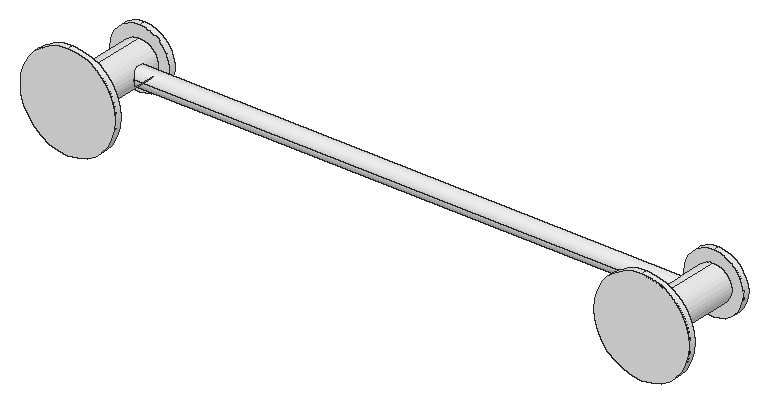
Revit family
Parameters (values of type "24In")
  Subcategory = "Bathroom Fixture"  # constant formula
  SmartBIM Object Version = 3  # constant formula
  SmartBIM Object Created By = "Reed Construction Data"  # constant formula
  Mounting Height = 4' - 0"
  Model = "Malta 24\" Towel Bar"
  Manufacturer = ""
  Length = 2' - 0"
  Assembly Code = "C1030200"
  95 CSI = "10810"
  04 CSI = "10 28 13"
Types (9): name | Length
  24In | 2' - 0"
  36In | 3' - 0"
  48In | 4' - 0"
  52In | 4' - 4"
  54In | 4' - 6"
  28In | 2' - 4"
  32In | 2' - 8"
  44In | 3' - 8"
  40In | 3' - 4"
Reference planes (in)
  plane 1: y = 0
  plane 2 "Center (Left/Right)": x = -11.75
  plane 3 "Back": y = 3
  plane 4: z = 48
  plane 5 "Left": x = 0.25
  plane 6 "Right": x = -23.75
  plane 7: z = 48
Forms (in)
  Extrusion 1, solid, material "Chrome"
    sketch origin (42.25, 3, 59.75) x (0, 0, 1) y (-1, 0, 0)
      loop
        circle (-11.75, 42) r 2
    from 0 to -0.25
  Extrusion 2, solid, material "Chrome"
    sketch origin (48.25, 3, 59.75) x (0, 0, 1) y (-1, 0, 0)
      loop
        circle (-11.75, 48) r 0.75
    from 0 to -3.75
  Extrusion 3, solid, material "Chrome"
    sketch origin (48.25, 3, 59.75) x (0, 0, 1) y (-1, 0, 0)
      loop
        circle (-11.75, 48) r 1.25
    from -3.75 to -4
  Extrusion 4, solid, material "Chrome"
    sketch origin (24.25, 3, 59.75) x (0, 0, 1) y (-1, 0, 0)
      loop
        circle (-11.75, 48) r 2
    from 0 to -0.25
  Extrusion 5, solid, material "Chrome"
    sketch origin (24.25, 3, 59.75) x (0, 0, 1) y (-1, 0, 0)
      loop
        circle (-11.75, 48) r 0.75
    from 0 to -3.75
  Extrusion 6, solid, material "Chrome"
    sketch origin (24.25, 3, 59.75) x (0, 0, 1) y (-1, 0, 0)
      loop
        circle (-11.75, 48) r 1.25
    from -3.75 to -4
  Extrusion 7, solid, material "Chrome"
    sketch origin (-11.75, 0, 0) x (0, 1, 0) y (0, 0, 1)
      loop
        circle (5.84841, 48) r 0.375
    from -12 to 12
Cuts and joins
  joined: Extrusion 1, Extrusion 2, Extrusion 3, Extrusion 4, Extrusion 5, Extrusion 6, Extrusion 7
Text (in)
  text "Placement Side" at (0, 40.15149, 123.01588), in view "Right"
  text "Placement Side" at (-80.87822, 72.9237, 0), in view "Ref. Level"
  text "Placement Side" at (0, 47.49176, 140.59947), in view "Left"
Dimensions and locks (in)
  locked: plane 3 "Back" to host wall
  "Mounting Height": level to plane 4
  equal spacing: plane 6 "Right", plane 2 "Center (Left/Right)", plane 5 "Left"
  "Length": plane 6 "Right" to plane 5 "Left"
  aligned and locked: Extrusion 7 to plane 5 "Left"
  aligned and locked: Extrusion 7 to plane 6 "Right"
  aligned and locked: plane 5 "Left" to Extrusion 3
  aligned and locked: plane 5 "Left" to Extrusion 2
  aligned and locked: plane 6 "Right" to Extrusion 4
  aligned and locked: plane 6 "Right" to Extrusion 6
  aligned and locked: plane 6 "Right" to Extrusion 5
Automatic sketch dimensions
  Extrusion 7 sketch curve to plane 4 = 0' - 0"
  host wall to Extrusion 7 sketch curve = 0' - 2.84841"
  Extrusion 1 sketch curve to plane 4 = 0' - 0"
  Extrusion 1 sketch curve to plane 5 "Left" = 0' - 0"
  Extrusion 3 sketch curve to plane 4 = 0' - 0"
  Extrusion 3 sketch curve to plane 5 "Left" = 0' - 0"
  Extrusion 2 sketch curve to plane 4 = 0' - 0"
  Extrusion 2 sketch curve to plane 5 "Left" = 0' - 0"
  Extrusion 4 sketch curve to plane 4 = 0' - 0"
  Extrusion 4 sketch curve to plane 6 "Right" = 0' - 0"
  Extrusion 5 sketch curve to plane 4 = 0' - 0"
  Extrusion 5 sketch curve to plane 6 "Right" = 0' - 0"
  Extrusion 6 sketch curve to plane 4 = 0' - 0"
  Extrusion 6 sketch curve to plane 6 "Right" = 0' - 0"
  radius of Extrusion 7 sketch curve = 0' - 0 3/8"
  radius of Extrusion 1 sketch curve = 0' - 2"
  radius of Extrusion 3 sketch curve = 0' - 1 1/4"
  radius of Extrusion 2 sketch curve = 0' - 0 3/4"
  radius of Extrusion 4 sketch curve = 0' - 2"
  radius of Extrusion 5 sketch curve = 0' - 0 3/4"
  radius of Extrusion 6 sketch curve = 0' - 1 1/4"
